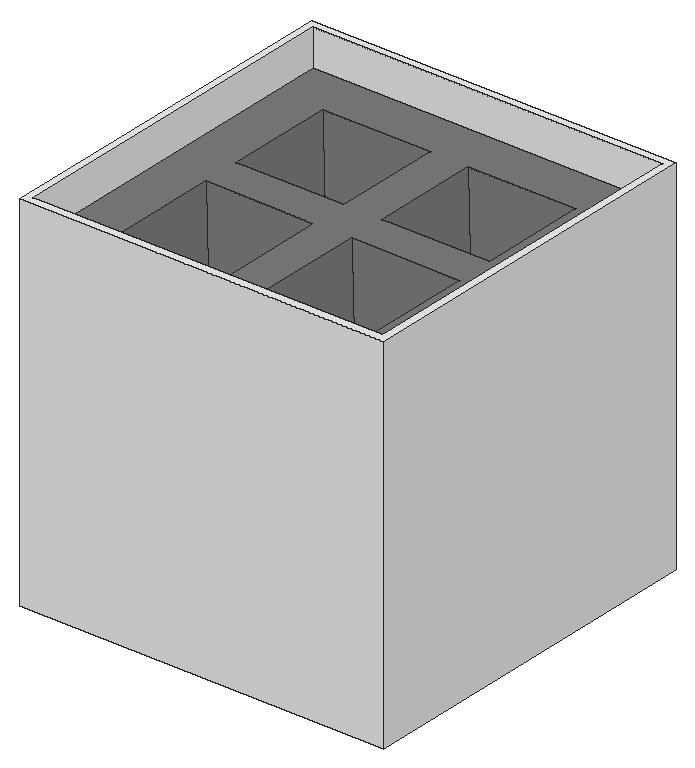
Revit family "Bitpop C 2.2", category Lighting Fixtures, Revit 2017
Family settings
  Round Connector Dimension = Use Diameter
  Part Type = Normal
  OmniClass Number = 23.80.70.00
  OmniClass Title = Lighting
  Work Plane-Based = Yes
  Always vertical = No
  Cut with Voids When Loaded = No
  Light Source = Yes
  Shared = No
  Room Calculation Point = Yes
Parameters (values of type "Bitpop C 2.2_F 30° (3000K 18W 230Vac)")
  Wiring = "-"
  Width mm = 100 mm
  Weight kg = "0.7"
  Wattage = 9.42495 W
  built-in parameter 1150110 = 1 (stored number, unit not read)
  Voltage = 230 V
  URL Technical sheet = "https://www.lucelight.it/media/prodotti/st/ST_BITPOP_C_22.pdf"
  URL Image = "https://www.lucelight.it/media/prodotti/foto/bitpop_c_2.2_still.jpg"
  URL IES Photometric file = "https://www.lucelight.it/media/prodotti/fotometrie/bitpop_c_2.2_ies.zip"
  URL General code = "https://www.lucelight.it/en/prodotto.php/109338#a-generacodice"
  URL Description = "https://www.lucelight.it/en/capitolato.php/109338"
  URL DXF = "https://www.lucelight.it/media/prodotti/dxf/bitpop_c_2.2.dxf"
  URL Catalogue = "https://www.lucelight.it/media/prodotti/brochure/bitpop_c_brochure_en.pdf"
  URL Accessories and power supply units = "https://www.lucelight.it/en/prodotto.php/109338#a-scheda-accessori"
  URL = "https://www.lucelight.it/en/prodotto.php/109338"
  built-in parameter 1114217 = 1 (stored number, unit not read)
  Tilt Angle = 90.00°
  built-in parameter 1150109 = 1 (stored number, unit not read)
  built-in parameter 1150134 = (empty or 0)
  built-in parameter 1150113 = 1 (stored number, unit not read)
  Photometric Web File = "BITPOP C 2.2 F 30° [3000K 18W 230Vac].IES"
  Model = "Bitpop C 2.2"
  Manufacturer = "L&L Luce&Light"
  built-in parameter 1150105 = 111.41 (stored number, unit not read)
  Lumens = 1400 lm
  built-in parameter 1150115 = 1 (stored number, unit not read)
  built-in parameter 1150137 = (empty or 0)
  built-in parameter 1150139 = (empty or 0)
  built-in parameter 1150112 = 1 (stored number, unit not read)
  built-in parameter 1150114 = 1 (stored number, unit not read)
  built-in parameter 1150132 = 2
  built-in parameter 1150102 = (empty or 0)
  built-in parameter 1150107 = 3000 (stored number, unit not read)
  built-in parameter 1150138 = (empty or 0)
  built-in parameter 1150106 = 1.1141 (stored number, unit not read)
  Geometry = Bitpop C 2.2_mod : Bitpop C 2.2_mod
  Trim = L&L_Steel
  Power supply unit = "included and wired"
  Power supply = "230Vac"
  Power cables = "includes 0.3 m cable"
  Power = "18W"
  Optics = "30°"
  Notes = "Bitpop 2.2 recessed version"
  No. and type of led = "4 high-intensity power LEDs"
  Mounting = "surface mounted (ceiling)"
  Material = "body in aluminium trim in steel"
  Lumen output at source = "1400 lm (3000K)"
  Lens = L&L_Lens
  Length mm = 100 mm
  LED Colour = "3000K (also available: 2700K and 4000K - ref. URL Technical sheet)"
  IP = "40"
  Height mm = 100 mm
  Features = "-"
  Energy efficiency class = "A A+ A++"
  Emit from Line Length = 609.6 mm
  built-in parameter 1150104 = 13.8 (stored number, unit not read)
  Dimming Lamp Color Temperature Shift = <None>
  Description = "Indoor ceiling mounted"
  Delivered lumen output = "992 lm (3000K, 30°)"
  Default Elevation = 1219.2 mm
  Cutout dimensions = "-"
  Control system = "on/off; 1-10V + PUSH; DALI + PUSH"
  Contact = "T: +39 0444 360571; E: lucelight@lucelight.it"
  Company = "L&L Luce&Light"
  Color Filter = 16777215
  Code = "BC2210 B White - Black; BC2210 N Black - Black"
  CRI = "90 (also available: CRI 80 - ref. URL Technical sheet)"
  Body = L&L_White aluminium
  built-in parameter 1114218 = 1 (stored number, unit not read)
  built-in parameter 1150133 = 10 (stored number, unit not read)
  Apparent Load Phase 1 = 26 W
Types (4, lengths in mm): name | Photometric Web File | Optics | LED Colour
  Bitpop C 2.2_F 30° (3000K 18W 230Vac) | "BITPOP C 2.2 F 30° [3000K 18W 230Vac].IES" | "30°" | "3000K (also available: 2700K and 4000K - ref. URL Technical sheet)"
  Bitpop C 2.2_L 42° (3000K 18W 230Vac) | "BITPOP C 2.2 L 42° [3000K 18W 230Vac].IES" | "42°" | "3000K (also available: 2700K and 4000K - ref. URL Technical sheet)"
  Bitpop C 2.2_S 17° (3000K 18W 230Vac) | "BITPOP C 2.2 S 17° [3000K 18W 230Vac].IES" | "17°" | "3000K (also available: 2700K and 4000K - ref. URL Technical sheet)"
  Bitpop C 2.2_W 17°x45° (3000K 18W 230Vac) | "BITPOP C 2.2 W 17°x45° [3000K 18W 230Vac].IES" | "17°x45°" | "3000K (also available: 2700K and 4000K - ref. URL Technical sheet)"
Reference planes
  plane 1 "Light Source Axis (F/B)": y = 0
  plane 2: z = 0
  plane 3 "Light Source Axis (L/R)": x = 0
  plane 4 "Light Source Elevation": z = 1500
Dimensions and locks
  aligned and locked: level to plane 2
Nested families
  nested 1: "Bitpop C 2.2_mod" at (0, 0, 0), type <- "Geometry", type "Bitpop C 2.2_mod"
Connectors
  electrical at (0, 0, 0), driven by "Voltage", driven by "Apparent Load Phase 1"
    settings: index 1, voltage 230 V, apparent load 0 VA, apparent load phase1 26 VA, apparent load phase2 0 VA, apparent load phase3 0 VA, power factor 1, load classification "Lighting", number of poles 1, system type 31, power factor state 1, is connector primary yes, connector utility no, sub classification motor no, connector description ""
Definition of nested family "Bitpop C 2.2_mod"
  Parameters (values of type "Bitpop C 2.2_mod")
    Trim = none
    Lens = none
    Default Elevation = 1219.2 mm
    Body = none
  Reference planes
    plane 1 "Light Source Axis (F/B)": y = 0
    plane 2: z = 0
    plane 3 "Light Source Axis (L/R)": x = 0
    plane 4 "Light Source Elevation": z = 1500
    plane 5: z = 100
    plane 6: z = 70
    plane 7: z = 90
    plane 8: z = 76.4
    plane 9: x = -20
    plane 10: x = 20
  Forms (mm)
    Extrusion 1, solid, material <- "Body", detail levels coarse
      sketch origin (0, 0, 0) x (1, 0, 0) y (0, 1, 0)
        loop
          line (-50, 50) -> (-50, -50) -> (50, -50) -> (50, 50) -> (-50, 50)
      from 0 to 100
    Extrusion 2, solid, material <- "Body", detail levels medium
      sketch origin (0, 0, 0) x (1, 0, 0) y (0, 1, 0)
        loop
          line (-50, 50) -> (-50, -50) -> (50, -50) -> (50, 50) -> (-50, 50)
      from 0 to 100
    Blend 3, void
      base sketch origin (0, 0, 0) x (1, 0, 0) y (0, 1, 0)
        loop
          line (-7.886, 32.113) -> (-32.113, 32.113) -> (-32.113, 7.887) -> (-7.886, 7.887) -> (-7.886, 32.113)
      top sketch origin (0, 0, 0) x (1, 0, 0) y (0, 1, 0)
        loop
          line (-5.17, 34.829) -> (-34.829, 34.829) -> (-34.829, 5.17) -> (-5.17, 5.17) -> (-5.17, 34.829)
      from 70 to 100
    Blend 4, void
      base sketch origin (0, 0, 0) x (1, 0, 0) y (0, 1, 0)
        loop
          line (32.114, 32.113) -> (7.886, 32.113) -> (7.886, 7.887) -> (32.114, 7.887) -> (32.114, 32.113)
      top sketch origin (0, 0, 0) x (1, 0, 0) y (0, 1, 0)
        loop
          line (34.829, 34.829) -> (5.17, 34.829) -> (5.17, 5.17) -> (34.829, 5.17) -> (34.829, 34.829)
      from 70 to 100
    Blend 5, void
      base sketch origin (0, 0, 0) x (1, 0, 0) y (0, 1, 0)
        loop
          line (-32.113, -7.886) -> (-32.113, -32.114) -> (-7.887, -32.114) -> (-7.887, -7.886) -> (-32.113, -7.886)
      top sketch origin (0, 0, 0) x (1, 0, 0) y (0, 1, 0)
        loop
          line (-34.829, -5.17) -> (-34.829, -34.829) -> (-5.17, -34.829) -> (-5.17, -5.17) -> (-34.829, -5.17)
      from 70 to 100
    Blend 6, void
      base sketch origin (0, 0, 0) x (1, 0, 0) y (0, 1, 0)
        loop
          line (32.113, -7.887) -> (7.886, -7.887) -> (7.886, -32.113) -> (32.113, -32.113) -> (32.113, -7.887)
      top sketch origin (0, 0, 0) x (1, 0, 0) y (0, 1, 0)
        loop
          line (5.17, -5.17) -> (5.17, -34.829) -> (34.829, -34.829) -> (34.829, -5.17) -> (5.17, -5.17)
      from 70 to 100
    Extrusion 7, void
      sketch origin (0, 0, 0) x (1, 0, 0) y (0, 1, 0)
        loop
          circle (-20, 20) r 10.7
        loop
          circle (20, 20) r 10.7
        loop
          circle (20, -20) r 10.7
        loop
          circle (-20, -20) r 10.7
      from 64 to 71.411
    Extrusion 8, solid, material <- "Lens", detail levels medium+fine
      sketch origin (0, 0, 0) x (1, 0, 0) y (0, 1, 0)
        loop
          circle (-20, 20) r 10.7
        loop
          circle (20, 20) r 10.7
        loop
          circle (20, -20) r 10.7
        loop
          circle (-20, -20) r 10.7
      from 69 to 70
    Extrusion 9, solid, material <- "Body", detail levels fine
      sketch origin (0, 0, 0) x (1, 0, 0) y (0, 1, 0)
        loop
          line (-50, 50) -> (-50, -50) -> (50, -50) -> (50, 50) -> (-50, 50)
        loop
          line (-48, 48) -> (-48, -48) -> (48, -48) -> (48, 48) -> (-48, 48)
      from 0 to 100
    Extrusion 10, solid, material <- "Trim", detail levels fine
      sketch origin (0, 0, 0) x (1, 0, 0) y (0, 1, 0)
        loop
          line (-48, 48) -> (-48, -48) -> (48, -48) -> (48, 48) -> (-48, 48)
      from 0 to 90
    Blend 11, void
      base sketch origin (0, 0, 0) x (1, 0, 0) y (0, 1, 0)
        loop
          line (-7.886, 32.113) -> (-32.113, 32.113) -> (-32.113, 7.887) -> (-7.886, 7.887) -> (-7.886, 32.113)
      top sketch origin (0, 0, 0) x (1, 0, 0) y (0, 1, 0)
        loop
          line (-5.17, 34.829) -> (-34.829, 34.829) -> (-34.829, 5.17) -> (-5.17, 5.17) -> (-5.17, 34.829)
      from 70 to 90
    Blend 12, void
      base sketch origin (0, 0, 0) x (1, 0, 0) y (0, 1, 0)
        loop
          line (32.114, 32.113) -> (7.886, 32.113) -> (7.886, 7.887) -> (32.114, 7.887) -> (32.114, 32.113)
      top sketch origin (0, 0, 0) x (1, 0, 0) y (0, 1, 0)
        loop
          line (34.829, 34.829) -> (5.17, 34.829) -> (5.17, 5.17) -> (34.829, 5.17) -> (34.829, 34.829)
      from 70 to 90
    Blend 13, void
      base sketch origin (0, 0, 0) x (1, 0, 0) y (0, 1, 0)
        loop
          line (-32.113, -7.886) -> (-32.113, -32.114) -> (-7.887, -32.114) -> (-7.887, -7.886) -> (-32.113, -7.886)
      top sketch origin (0, 0, 0) x (1, 0, 0) y (0, 1, 0)
        loop
          line (-34.829, -5.17) -> (-34.829, -34.829) -> (-5.17, -34.829) -> (-5.17, -5.17) -> (-34.829, -5.17)
      from 70 to 90
    Blend 14, void
      base sketch origin (0, 0, 0) x (1, 0, 0) y (0, 1, 0)
        loop
          line (32.113, -7.887) -> (7.886, -7.887) -> (7.886, -32.113) -> (32.113, -32.113) -> (32.113, -7.887)
      top sketch origin (0, 0, 0) x (1, 0, 0) y (0, 1, 0)
        loop
          line (5.17, -5.17) -> (5.17, -34.829) -> (34.829, -34.829) -> (34.829, -5.17) -> (5.17, -5.17)
      from 70 to 90
    Extrusion 15, void
      sketch origin (0, 0, 0) x (1, 0, 0) y (0, 1, 0)
        loop
          circle (-20, 20) r 10.7
        loop
          circle (20, 20) r 10.7
        loop
          circle (-20, -20) r 10.7
        loop
          circle (20, -20) r 10.7
      from 64 to 71.47
  Cuts and joins
    Blend 3, Blend 4, Blend 5, Blend 6, Extrusion 7 cuts Extrusion 2
    Blend 11, Blend 12, Blend 13, Blend 14, Extrusion 15 cuts Extrusion 10
  Dimensions and locks
    plane 6 to plane 5 = 30 mm
    plane 6 to plane 7 = 20 mm
    plane 8 to Extrusion 9 = 23.6 mm
    aligned and locked: level to plane 2
